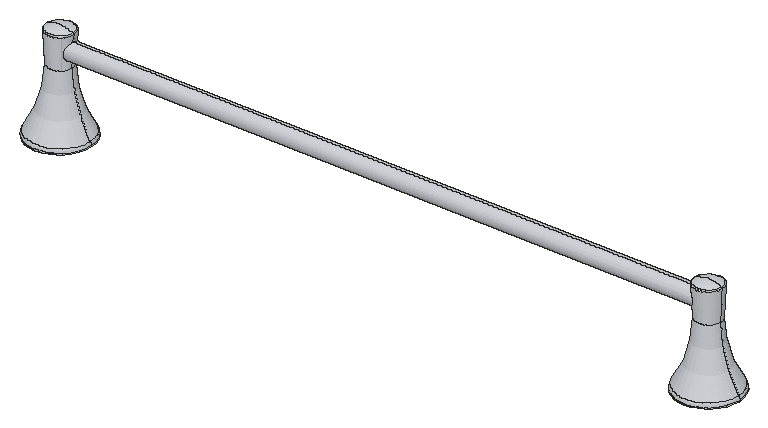
Revit family "Accessory-Towel_Bar-KOHLER-CORALAIS-K-13431T_1", category Specialty Equipment, host Face, Revit 2017
Family settings
  Host = Face
  Round Connector Dimension = Use Diameter
  Part Type = Normal
  OmniClass Number = 23.31.25.25
  OmniClass Title = Towel Bars
  Cut with Voids When Loaded = No
  Shared = No
  Room Calculation Point = No
Parameters (values of type "CP-Polished Chrome")
  Width = 24"  # constant formula
  WaterSense Certified = 1 = 0  # no
  URL = "http://www.kohler.com.cn/en/"
  Type = 1
  Product Page URL = "https://www.kohler.com.cn/product/K-13431T-CP/K-13431T-CP/"
  Product Name = "CORALAIS"  # constant formula
  Product Documentation Link = "https://files.kohler.com.cn/pdfs/13430t_13428t.pdf"
  Model = if(Type = 1, "K-13431T-CP", if(Type = 2, "K-13431T-AF", if(Type = 3, "K-13431T-BL", "Not Available")))  # "K-13431T-CP"
  Material = "Premium Metal Construction"  # constant formula
  Master Format 2014 Name = "Toilet, Bath, and Laundry Accessories"  # constant formula
  Master Format 2014 = "10 28 00"  # constant formula
  Manufacturer Address = "Kohler Beijing Office (100016) 36-2-03-B, No. 88, Liuxiang Road, Beijing"  # constant formula
  Manufacturer = "KOHLER Co."  # constant formula
  Length = 3 5/8"  # constant formula
  Height = 2.25984"  # constant formula
  Finish = Kohler-Metal-CP-Polished_Chrome
  Environmental Product Declaration = ""
  Description = "24 inch Towel Bar"  # constant formula
  Default Elevation = 42"
  Declare Label = ""
  Date Modified = "07/03/2020"  # constant formula
  Date Created = "07/03/2020"  # constant formula
  Copyright = "Copyright KOHLER Co."  # constant formula
  Contact Us = "http://www.kohler.com.cn/en/contact/contact-us/"
  Assembly Code = "C1030200"
  ADA Compliant = 1 = 0  # no
Types (4): name | Type | Product Page URL | Model | Finish
  (no name) | 1 | "https://www.kohler.com.cn/product/K-13431T-CP/K-13431T-CP/" | "K-13431T-CP" | Kohler-Metal-CP-Polished_Chrome
  CP-Polished Chrome | 1 | "https://www.kohler.com.cn/product/K-13431T-CP/K-13431T-CP/" | "K-13431T-CP" | Kohler-Metal-CP-Polished_Chrome
  AF-Flange Gold | 2 | "https://www.kohler.com.cn/product/K-13431T-CP/K-13431T-AF/" | "K-13431T-AF" | Kohler-Metal-AF-Flange_Gold
  BL-Matte Black | 3 | "https://www.kohler.com.cn/product/K-13431T-CP/K-13431T-BL/" | "K-13431T-BL" | Kohler-Metal-BL-Matte_Black
Reference planes (in)
  plane 1 "Center (Front/Back)": y = 0
  plane 2: z = 0
  plane 3 "Center (Left/Right)": x = 0
  plane 4: y = 1.12936
  plane 5: x = -13.15362
  plane 6: x = -10.84819
  plane 7: x = 13.15362
  plane 8: x = 10.84819
  plane 9: z = 3.625
  plane 10: x = -12.03125
  plane 11: x = 11.96875
  plane 12: y = -1.13048
Dimensions and locks (in)
  "Width": plane 10 to plane 11
  "Length": plane 9 to level
  "Height": plane 4 to plane 12
  aligned and locked: plane 2 to host face
  aligned and locked: level to host face
Automatic sketch dimensions
  host sketch curve to host sketch curve = 96"  (x2)
Nested families (in)
  nested 1: "K-13431T" at (0, 0, 0), type "K-13431T"
Definition of nested family "K-13431T"
  Parameters (values of type "K-13431T")
    Material = none
  Reference planes (in)
    plane 1 "Center (Front/Back)": y = 0
    plane 2: z = 0
    plane 3 "Center (Left/Right)": x = 0
    plane 4: y = 1.15189
    plane 5: y = -1.15189
    plane 6: x = -13.15197
    plane 7: x = -10.84819
    plane 8: x = 13.15197
    plane 9: x = 10.84819
    plane 10: z = 3.66141
    plane 11: x = -12.03125
    plane 12: x = 12.03125
    plane 13: z = 0.1938
    plane 14: z = 0.16772
    plane 15: z = 0.03948
  Forms (in)
    Revolve 1, solid, material <- "Material", detail levels medium+fine
      sketch origin (0, 0, 0) x (1, 0, 0) y (0, 0, 1)
        loop
          line (-12.00008, 3.66065) -> (-12.00008, 0) -> (-10.84819, 0) -> (-10.84819, 0.03792)
          arc (-10.84819, 0.03792) -> (-10.85851, 0.10901) -> (-10.88862, 0.17423) r 0.25
          arc (-10.88862, 0.17423) -> (-11.37871, 1.23362) -> (-11.54908, 2.38838) r 4.08365
          arc (-11.54908, 2.38838) -> (-11.53586, 2.94948) -> (-11.49281, 3.50909) r 10.54551
          arc (-11.49281, 3.50909) -> (-11.49733, 3.53226) -> (-11.51402, 3.54896) r 0.04046
          arc (-11.51402, 3.54896) -> (-11.74963, 3.6371) -> (-12.00008, 3.66065) r 0.95508
        axis (-12.00008, 3.66065) -> (-12.00008, 0)
      angle from 0 to 360
    Revolve 2, solid, material <- "Material", detail levels medium+fine
      sketch origin (0, 0, 0) x (-1, 0, 0) y (0, 0, 1)
        loop
          line (-12.00008, 3.66065) -> (-12.00008, 0) -> (-10.84819, 0) -> (-10.84819, 0.03792)
          arc (-10.84819, 0.03792) -> (-10.85851, 0.10901) -> (-10.88862, 0.17423) r 0.25
          arc (-10.88862, 0.17423) -> (-11.37871, 1.23362) -> (-11.54908, 2.38838) r 4.08365
          arc (-11.54908, 2.38838) -> (-11.53586, 2.94948) -> (-11.49281, 3.50909) r 10.54551
          arc (-11.49281, 3.50909) -> (-11.49733, 3.53226) -> (-11.51402, 3.54896) r 0.04046
          arc (-11.51402, 3.54896) -> (-11.74963, 3.6371) -> (-12.00008, 3.66065) r 0.95508
        axis (-12.00008, 3.66065) -> (-12.00008, 0)
      angle from 0 to 360
    Sweep 3, solid, material <- "Material", detail levels medium+fine
      path origin (0, 0, 0) x (1, 0, 0) y (0, 0, 1)
        loop
          line (-11.93911, 2.95313) -> (11.95189, 2.95313)
      profile origin (0.00639, 0, 2.95313) x (0, 0, 1) y (0, -1, 0)
        loop
          circle (0, 0) r 0.32022
    Revolve 4, solid, material <- "Material", detail levels coarse
      sketch origin (0, 0, 0) x (1, 0, 0) y (0, 0, 1)
        loop
          line (-12.00049, 0) -> (-12.00049, 3.66464) -> (-12.52935, 3.61837) -> (-13.15197, 0) -> (-12.00049, 0)
        axis (-12.00049, 3.66464) -> (-12.00049, 0)
      angle from 0 to 360
    Sweep 5, solid, material <- "Material", detail levels coarse
      path origin (0, 0, 0) x (1, 0, 0) y (0, 0, 1)
        loop
          line (-11.71875, 2.95338) -> (11.78125, 2.95338)
      profile origin (0.03125, 0, 2.95338) x (0, 0, 1) y (0, -1, 0)
        loop
          circle (0, 0) r 0.31251
    Revolve 6, solid, material <- "Material", detail levels coarse
      sketch origin (0, 0, 0) x (-1, 0, 0) y (0, 0, 1)
        loop
          line (-12.00049, 0) -> (-12.00049, 3.66464) -> (-12.52935, 3.61837) -> (-13.15197, 0) -> (-12.00049, 0)
        axis (-12.00049, 3.66464) -> (-12.00049, 0)
      angle from 0 to 360
  Cuts and joins
    joined: Revolve 4, Sweep 5, Revolve 6
    joined: Revolve 1, Revolve 2, Sweep 3
  Lines and regions (in)
    Masking region 1
      outline origin (0, 0, 0) x (1, 0, 0) y (0, 0, 1)
        loop
          line (-12.00008, 0) -> (-10.84803, 0) -> (-10.84803, 0.03819)
          arc (-10.84803, 0.03819) -> (-10.85725, 0.10544) -> (-10.88422, 0.16772) r 0.24991
          arc (-10.88422, 0.16772) -> (-11.37678, 1.22789) -> (-11.54893, 2.38414) r 4.08534
          arc (-11.54893, 2.38414) -> (-11.54986, 2.50849) -> (-11.54902, 2.63285) r 8.74905
          line (-11.54902, 2.63285) -> (11.54902, 2.63285)
          arc (11.54902, 2.63285) -> (11.54986, 2.50849) -> (11.54893, 2.38414) r 8.74905
          arc (11.54893, 2.38414) -> (11.37678, 1.22789) -> (10.88422, 0.16772) r 4.08534
          arc (10.88422, 0.16772) -> (10.85725, 0.10544) -> (10.84803, 0.03819) r 0.24991
          line (10.84803, 0.03819) -> (10.84803, 0) -> (12.00008, 0) -> (13.15197, 0) -> (13.15197, 0.03819)
          arc (13.15197, 0.03819) -> (13.14275, 0.10544) -> (13.11577, 0.16772) r 0.24991
          arc (13.11577, 0.16772) -> (12.62322, 1.22789) -> (12.45106, 2.38414) r 4.08534
          arc (12.45106, 2.38414) -> (12.46102, 2.94779) -> (12.50725, 3.50963) r 8.74905
          arc (12.50725, 3.50963) -> (12.50145, 3.53536) -> (12.48087, 3.55185) r 0.03995
          arc (12.48087, 3.55185) -> (12.24752, 3.63772) -> (12, 3.66141) r 0.96966
          arc (12, 3.66141) -> (11.75248, 3.63772) -> (11.51913, 3.55185) r 0.96966
          arc (11.51913, 3.55185) -> (11.49855, 3.53536) -> (11.49274, 3.50963) r 0.03995
          arc (11.49274, 3.50963) -> (11.50549, 3.39155) -> (11.51663, 3.27332) r 8.74905
          line (11.51663, 3.27332) -> (-11.51663, 3.27332)
          arc (-11.51663, 3.27332) -> (-11.50549, 3.39155) -> (-11.49274, 3.50963) r 8.74905
          arc (-11.49274, 3.50963) -> (-11.49855, 3.53536) -> (-11.51913, 3.55185) r 0.03995
          arc (-11.51913, 3.55185) -> (-11.75248, 3.63772) -> (-12, 3.66141) r 0.96966
          arc (-12, 3.66141) -> (-12.24752, 3.63772) -> (-12.48087, 3.55185) r 0.96966
          arc (-12.48087, 3.55185) -> (-12.50145, 3.53536) -> (-12.50725, 3.50963) r 0.03995
          arc (-12.50725, 3.50963) -> (-12.46102, 2.94779) -> (-12.45106, 2.38414) r 8.74905
          arc (-12.45106, 2.38414) -> (-12.62322, 1.22789) -> (-13.11577, 0.16772) r 4.08534
          arc (-13.11577, 0.16772) -> (-13.14275, 0.10544) -> (-13.15197, 0.03819) r 0.24991
          line (-13.15197, 0.03819) -> (-13.15197, 0) -> (-12.00008, 0)
    Masking region 2
      outline origin (0, 0, 0) x (1, 0, 0) y (0, 1, 0)
        loop
          arc (-10.89369, 0.32054) -> (-13.15181, 0) -> (-10.89369, -0.32054) r 1.15181
          line (-10.89369, -0.32054) -> (10.89369, -0.32054)
          arc (10.89369, -0.32054) -> (13.15181, 0) -> (10.89369, 0.32054) r 1.15181
          line (10.89369, 0.32054) -> (-10.89369, 0.32054)
    Masking region 3
      outline origin (0, 0, 0) x (0, 1, 0) y (0, 0, 1)
        loop
          line (0, 0) -> (1.15189, 0) -> (1.15189, 0.0383)
          arc (1.15189, 0.0383) -> (1.14995, 0.06873) -> (1.14419, 0.09866) r 0.24038
          arc (1.14419, 0.09866) -> (1.13237, 0.13416) -> (1.11587, 0.16774) r 0.27697
          arc (1.11587, 0.16774) -> (0.62483, 1.22646) -> (0.45194, 2.38063) r 4.10037
          arc (0.45194, 2.38063) -> (0.46405, 2.94501) -> (0.507, 3.50788) r 10.32151
          arc (0.507, 3.50788) -> (0.49937, 3.5373) -> (0.47434, 3.55453) r 0.04346
          arc (0.47434, 3.55453) -> (0.24396, 3.63869) -> (0, 3.66404) r 0.99646
          arc (0, 3.66404) -> (-0.24396, 3.63869) -> (-0.47434, 3.55453) r 0.99646
          arc (-0.47434, 3.55453) -> (-0.49937, 3.5373) -> (-0.507, 3.50788) r 0.04346
          arc (-0.507, 3.50788) -> (-0.46405, 2.94501) -> (-0.45194, 2.38063) r 10.32151
          arc (-0.45194, 2.38063) -> (-0.62483, 1.22646) -> (-1.11587, 0.16774) r 4.10037
          arc (-1.11587, 0.16774) -> (-1.13237, 0.13416) -> (-1.14419, 0.09866) r 0.27697
          arc (-1.14419, 0.09866) -> (-1.14995, 0.06873) -> (-1.15189, 0.0383) r 0.24038
          line (-1.15189, 0.0383) -> (-1.15189, 0) -> (0, 0)
    symbolic lines, detail levels medium+fine
      curve 1: line (-11.54967, 0, 2.56908) -> (-12.45205, 0, 2.56908)
      curve 2: line (-12.45205, 0, 2.4192) -> (-11.54886, 0, 2.4192)
      curve 3: line (-11.54886, 0, 2.38046) -> (-12.45205, 0, 2.38046)
      curve 4: line (-13.15197, 0, 0.03948) -> (-10.84819, 0, 0.03948)
      curve 5: line (-13.11577, 0, 0.16772) -> (-10.88422, 0, 0.16772)
      curve 6: line (-13.09894, 0, 0.1938) -> (-10.90105, 0, 0.1938)
      curve 7: line (11.54967, 0, 2.56908) -> (12.45033, 0, 2.56908)
      curve 8: line (12.45205, 0, 2.4192) -> (11.54886, 0, 2.4192)
      curve 9: line (11.54886, 0, 2.38046) -> (12.45205, 0, 2.38046)
      curve 10: line (13.15362, 0, 0.03948) -> (10.84863, 0, 0.03948)
      curve 11: line (13.11577, 0, 0.16772) -> (10.88438, 0, 0.16772)
      curve 12: line (13.10048, 0, 0.1938) -> (10.90132, 0, 0.1938)
      curve 13: arc (11.54902, 0, 2.63285) -> (11.53872, 0, 2.95338) -> (11.51663, 0, 3.27332) r 8.71096
      curve 14: arc (-11.54902, 0, 2.63285) -> (-11.53872, 0, 2.95338) -> (-11.51663, 0, 3.27332) r 8.71096
      curve 15: circle (-12.03125, 0, 0) r 0.54694 normal (0, 0, 1)
      curve 16: circle (-12.03125, 0, 0) r 0.5 normal (0, 0, 1)
      curve 17: circle (12.03125, 0, 0) r 0.54694 normal (0, 0, -1)
      curve 18: circle (12.03125, 0, 0) r 0.5 normal (0, 0, -1)
      curve 19: arc (0, 0.50513, 3.52572) -> (0, 0, 3.38653) -> (0, -0.50511, 3.52577) r 0.98601
      curve 20: arc (0, 0.50261, 3.46471) -> (0, -0.0001, 3.34978) -> (0, -0.50267, 3.46533) r 1.15381
      curve 21: line (0, 0.45253, 2.56755) -> (0, -0.45253, 2.56755)
      curve 22: line (0, 0.45209, 2.41946) -> (0, -0.45124, 2.41946)
      curve 23: line (0, -0.45124, 2.37977) -> (0, 0.45209, 2.37977)
      curve 24: line (0, 1.11624, 0.16778) -> (0, -1.11556, 0.16778)
      curve 25: line (0, -1.09856, 0.19398) -> (0, 1.09937, 0.19398)
      curve 26: line (0, 1.15189, 0.03948) -> (0, -1.15189, 0.03948)
      curve 27: line (-10.89369, 0.32054, 0) -> (-11.58809, 0.32054, 0)
      curve 28: line (-10.89369, -0.32054, 0) -> (-11.58809, -0.32054, 0)
      curve 29: line (10.89369, 0.32054, 0) -> (11.58809, 0.32054, 0)
      curve 30: line (10.89369, -0.32054, 0) -> (11.58809, -0.32054, 0)
  Dimensions and locks (in)
    plane 11 to plane 12 = 24 1/16"
    aligned and locked: plane 2 to level
